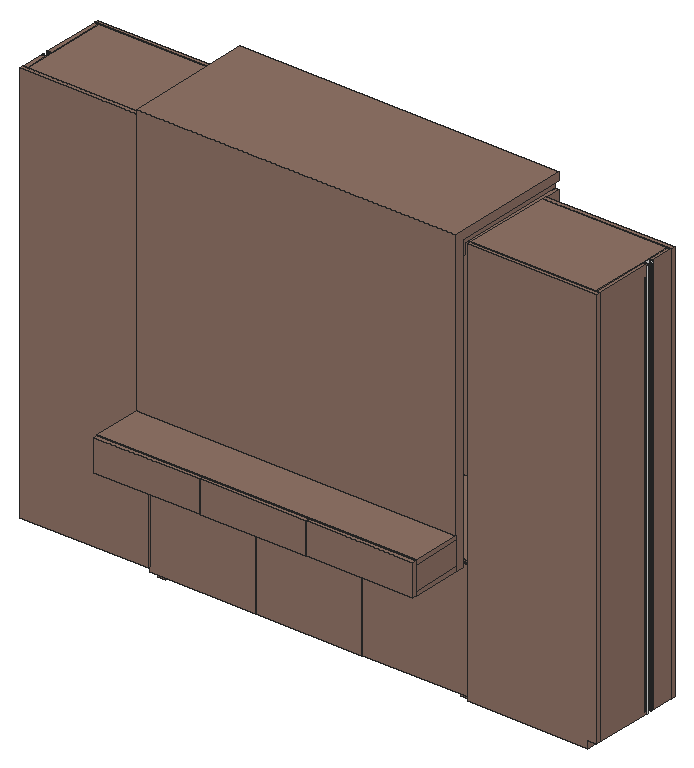
Revit family "T400032", category Furniture, Revit 2015
Parameters (values of type "T400032")
  URL = "https://ofs.com/"
  Model = "T400032"
  Manufacturer = "OFS"
  Description = "OFS TYPICAL T400032"
  Copyright © = "©OFS 2021"
  Catalog = "https://ofs.com/2020-experience"
  Authoring Version = "Autodesk Revit Architecture 2015"
  Assembly Code = "E2020400"
Reference planes (in)
  plane 1 "Center Front/Back": y = 0
  plane 2: z = 0
  plane 3 "Center Left/Right": x = 0
Dimensions and locks (in)
  aligned and locked: level to plane 2
Nested families (in)
  nested 1: "OFS_Slate Private Office_Storage_Cabinet_Slide_Out" at (-29.74999, 15.20518, 0) x (0, -1, 0) z (0, 0, 1), type "OFS_Slate Private Office_Storage_Cabinet_Slide_Out."
    with Width 1 18.125", Wall OFS BRANDS Metal Chrome, Top OFS BRANDS Dark Wood, Glides OFS BRANDS Black Plastic, Doors OFS BRANDS Dark Wood, Closed yes, Case OFS BRANDS Dark Wood, Base OFS BRANDS Dark Wood, Width 24.00", Height 77.00"
  nested 2: "OFS_Slate Private Office_Storage_Cabinet_Slide_Out" at (29.75, -3.04482, 0) x (0, -1, 0) z (0, 0, 1), type "OFS_Slate Private Office_Storage_Cabinet_Slide_Out.."
    with Width 1 18.125", Wall OFS BRANDS Metal Chrome, Top OFS BRANDS Dark Wood, Glides OFS BRANDS Black Plastic, Doors OFS BRANDS Dark Wood, Closed yes, Case OFS BRANDS Dark Wood, Base OFS BRANDS Dark Wood, Width 24.00", Right yes, Left no, Height 77.00"
  nested 3: "OFS SLATE SINGLE SIDED WALL UNITS" at (-29.75, 18.20518, 0), type "Slate 34D 2-S Wall Unit w/2 Non-Hookup Overlays"
    with Top OFS SLATE Dark Wood, Shelfs OFS SLATE Dark Wood, Doors OFS SLATE Dark Wood, Case OFS SLATE Dark Wood, Depth 21.00"
Definition of nested family "OFS_Slate Private Office_Storage_Cabinet_Slide_Out"
  Parameters (values of type "OFS_Slate Private Office_Storage_Cabinet_Slide_Out")
    Width 1 [instance] = if(Closed, 18.125", Width)  # 18.125"
    Width = 30.00"
    Wall [instance] = none
    URL = "http://www.ofsbrands.com/"
    Top [instance] = none
    Right = no
    Left = yes
    Model = "Type Catalog"
    Manufacturer = "OFS BRANDS"  # constant formula
    Height = 69.00"
    Glides [instance] = none
    Doors [instance] = none
    Description = "Type Catalog"
    Copyright © = "© 2016 OFS BRANDS"  # constant formula
    Closed [instance] = yes
    Catalog = "OFS"  # constant formula
    Case [instance] = none
    Base [instance] = none
    Authoring Version = "Autodesk Revit Architecture 2014"  # constant formula
    Assembly Code = "E2020200"
  Reference planes (in)
    plane 1 "Center (Front/Back)": y = 0
    plane 2: z = 0
    plane 3 "Center (Left/Right)": x = 0
    plane 4: x = 18.125
    plane 5: x = 9.0625
    plane 6: y = -0.75
    plane 7: y = -1.37544
    plane 8: y = -24
    plane 9: y = -22.375
    plane 10: y = -20.99956
    plane 11: y = -21.625
    plane 12: z = 2.45
    plane 13: z = 1.7
    plane 14: z = 0.45
    plane 15: y = -23.25
    plane 16: z = 67.95
    plane 17: z = 68.7
    plane 18: z = 69
  Dimensions and locks (in)
    "Width 1": plane 3 "Center (Left/Right)" to plane 4
    plane 12 to plane 13 to plane 14 to level = 0.75" locked, 1.25" locked, 0.45" locked
    plane 18 to plane 17 to plane 16 = 0.30" locked, 0.75" locked
    "Height": plane 18 to level
    equal spacing: plane 3 "Center (Left/Right)", plane 5, plane 4
    equal spacing: nested 3, nested 4, plane 3 "Center (Left/Right)"
    aligned and locked: level to plane 2
    aligned and locked: nested 2 to plane 5
    aligned and locked: nested 2 to plane 8
  Nested families (in)
    nested 1: "OFS_Slate Private Office_Storage_Cabinet_Slide_Out" at (0, 0, 0), Wall <- "Wall", Top <- "Top", Glides <- "Glides", Doors <- "Doors", Case <- "Case", Base <- "Base", visible <- "Left", type "OFS_Slate Private Office_Storage_Cabinet_Slide_Out"
      with Width 1 18.125", Wall none, Top none, Glides none, Doors none, Closed yes, Case none, Base none
    nested 2: "Tag" at (9.0625, -24, 0) x (-1, 0, 0) z (0, 0, 1), visible <- "Left", type "Center", detail levels fine
      with Offset (LR) 0.00", Distance of Center (not Change) 0.11"
    nested 3: "OFS_Slate Private Office_Storage_Cabinet_Slide_Out" at (0, 0, 0) x (-1, 0, 0) z (0, 0, 1), Wall <- "Wall", Top <- "Top", Glides <- "Glides", Doors <- "Doors", Case <- "Case", Base <- "Base", visible <- "Right", type "OFS_Slate Private Office_Storage_Cabinet_Slide_Out"
      with Width 1 18.125", Wall none, Top none, Glides none, Doors none, Closed yes, Case none, Base none
    nested 4: "Tag" at (-9.0625, -24, 0), visible <- "Right", type "Center", detail levels fine
      with Offset (LR) 0.00", Distance of Center (not Change) 0.11"
  Definition of nested family "OFS_Slate Private Office_Storage_Cabinet_Slide_Out"
    Parameters
      Width 1 [instance] = if(Closed, 18.125", Width)  # 18.125"
      Width = 30.00"
      Wall [instance] = none
      URL = "http://www.ofsbrands.com/"
      Top [instance] = none
      Closed [instance] = yes
      Model = "Type Catalog"
      Manufacturer = "OFS BRANDS"  # constant formula
      Height = 69.00"
      Glides [instance] = none
      Doors [instance] = none
      Description = "Type Catalog"
      Copyright © = "© 2016 OFS BRANDS"  # constant formula
      Catalog = "OFS"  # constant formula
      Case [instance] = none
      Base [instance] = none
      Authoring Version = "Autodesk Revit Architecture 2014"  # constant formula
      Assembly Code = "E2020200"
    Reference planes (in)
      plane 1 "Center (Front/Back)": y = 0
      plane 2: z = 0
      plane 3 "Center (Left/Right)": x = 0
      plane 4: x = 18.125
      plane 5: x = 8.1875
      plane 6: y = -0.75
      plane 7: y = -1.37544
      plane 8: y = -24
      plane 9: y = -22.375
      plane 10: y = -20.99956
      plane 11: y = -21.625
      plane 12: x = 0.75
      plane 13: x = 15.625
      plane 14: z = 2.45
      plane 15: z = 1.7
      plane 16: z = 0.45
      plane 17: y = -23.25
      plane 18: z = 67.95
      plane 19: z = 68.7
      plane 20: x = 2.25
      plane 21: x = 14.125
      plane 22: z = 69
      plane 23: x = 16.375
      plane 24: x = 17.375
      plane 25: x = 0.81243
      plane 26: x = 17.31257
    Forms (in)
      Revolve 1, solid, material <- "Glides"
        sketch origin (14.86463, -1.37544, 140) x (1, 0, 0) y (0, 0, 1)
          loop
            line (-13.47373, -139.55) -> (-13.72373, -139.55) -> (-13.72373, -139.74756) -> (-13.76241, -139.74756)
            arc (-13.76241, -139.74756) -> (-13.85143, -139.89038) -> (-13.72373, -140) r 0.12918
            line (-13.72373, -140) -> (-13.47373, -140) -> (-13.47373, -139.55)
          axis (-13.47373, -139.55) -> (-13.47373, -140)
        angle from 0 to 360
      Revolve 2, solid, material <- "Glides"
        sketch origin (1.51037, -1.37544, 140) x (-1, 0, 0) y (0, 0, -1)
          loop
            line (-13.47373, 139.55) -> (-13.47373, 140) -> (-13.72373, 140)
            arc (-13.72373, 140) -> (-13.85143, 139.89038) -> (-13.76241, 139.74756) r 0.12918
            line (-13.76241, 139.74756) -> (-13.72373, 139.74756) -> (-13.72373, 139.55) -> (-13.47373, 139.55)
          axis (-13.47373, 139.55) -> (-13.47373, 140)
        angle from 0 to 360
      Revolve 3, solid, material <- "Glides"
        sketch origin (14.86463, -20.99956, 140) x (1, 0, 0) y (0, 0, 1)
          loop
            line (-13.47373, -139.55) -> (-13.72373, -139.55) -> (-13.72373, -139.74756) -> (-13.76241, -139.74756)
            arc (-13.76241, -139.74756) -> (-13.85143, -139.89038) -> (-13.72373, -140) r 0.12918
            line (-13.72373, -140) -> (-13.47373, -140) -> (-13.47373, -139.55)
          axis (-13.47373, -139.55) -> (-13.47373, -140)
        angle from 0 to 360
      Revolve 4, solid, material <- "Glides"
        sketch origin (14.86463, -20.99956, 140) x (1, 0, 0) y (0, 0, 1)
          loop
            line (0.11947, -139.55) -> (0.11947, -140) -> (0.36947, -140)
            arc (0.36947, -140) -> (0.49716, -139.89038) -> (0.40814, -139.74756) r 0.12918
            line (0.40814, -139.74756) -> (0.36947, -139.74756) -> (0.36947, -139.55) -> (0.11947, -139.55)
          axis (0.11947, -139.55) -> (0.11947, -140)
        angle from 0 to 360
      Extrusion 5, solid, material <- "Case"
        sketch origin (-18.37457, -60, 0.45) x (-1, 0, 0) y (0, -1, 0)
          loop
            line (-19.12457, -59.25) -> (-19.12457, -57.75) -> (-20.62457, -57.75) -> (-20.62457, -59.25) -> (-19.12457, -59.25)
          loop
            line (-32.49957, -59.25) -> (-32.49957, -57.75) -> (-33.99957, -57.75) -> (-33.99957, -59.25) -> (-32.49957, -59.25)
          loop
            line (-32.49957, -39.875) -> (-32.49957, -38.375) -> (-33.99957, -38.375) -> (-33.99957, -39.875) -> (-32.49957, -39.875)
          loop
            line (-19.12457, -39.875) -> (-19.12457, -38.375) -> (-20.62457, -38.375) -> (-20.62457, -39.875) -> (-19.12457, -39.875)
        from 0 to 1.25
      Sweep 6, solid, material <- "Case"
        path origin (-18.37457, -60, 0.45) x (-1, 0, 0) y (0, -1, 0)
          loop
            line (-19.12457, -60) -> (-19.12457, -38.375) -> (-33.99957, -38.375) -> (-33.99957, -60)
        profile origin (8.1875, -21.625, 0.45) x (0, 1, 0) y (0, 0, 1)
          loop
            line (0, 0) -> (0, 1.25) -> (-0.75, 1.25) -> (-0.75, 0) -> (0, 0)
      Extrusion 7, solid, material <- "Case"
        sketch origin (0, 0, 0) x (1, 0, 0) y (0, 0, 1)
          loop
            line (15.625, 0.45) -> (15.625, 1.7) -> (17.375, 1.7) -> (17.375, 67.95) -> (0.75, 67.95) -> (0.75, 0.45) -> (15.625, 0.45)
        from 0 to 0.75
      Extrusion 8, solid, material <- "Case"
        sketch origin (-18.37457, -60, 1.7) x (-1, 0, 0) y (0, -1, 0)
          loop
            line (-18.37457, -60) -> (-18.37457, -36) -> (-19.12457, -36) -> (-19.12457, -60) -> (-18.37457, -60)
          loop
            line (-36.49957, -60) -> (-35.74957, -60) -> (-35.74957, -36) -> (-36.49957, -36) -> (-36.49957, -60)
        from 0 to 67
      Extrusion 9, solid, material <- "Top"
        sketch origin (0, 0, 0) x (1, 0, 0) y (0, 0, 1)
          loop
            line (0.75, 68.7) -> (0.75, 67.95) -> (17.375, 67.95) -> (17.375, 68.7) -> (0.75, 68.7)
        from 0 to 23.25
      Extrusion 10, solid, material <- "Doors"
        sketch origin (-18.37457, -60, 1.7) x (-1, 0, 0) y (0, -1, 0)
          loop
            line (-19.187, -36.75) -> (-19.187, -36) -> (-30.03089, -36) -> (-30.03089, -36.75) -> (-19.187, -36.75)
          loop
            line (-31.43714, -36) -> (-35.68714, -36) -> (-35.68714, -36.75) -> (-31.43714, -36.75) -> (-31.43714, -36)
        from 0 to 67
      Extrusion 11, solid, material <- "Base"
        sketch origin (0, 0, 0) x (1, 0, 0) y (0, 0, 1)
          loop
            line (0.75, 1.7) -> (17.375, 1.7) -> (17.375, 2.45) -> (0.75, 2.45) -> (0.75, 1.7)
        from 0.75 to 23.25
      Extrusion 12, solid, material <- "Wall"
        sketch origin (-18.37457, -60, 1.7) x (-1, 0, 0) y (0, -1, 0)
          loop
            line (-30.03089, -36.709) -> (-30.03089, -36) -> (-29.97285, -36)
            arc (-29.97285, -36) -> (-29.97479, -35.97231) -> (-29.99914, -35.959) r 0.02893
            line (-29.99914, -35.959) -> (-30.12561, -35.959) -> (-30.2748, -36.55375)
            arc (-30.2748, -36.55375) -> (-30.30539, -36.60076) -> (-30.35843, -36.619) r 0.08623
            line (-30.35843, -36.619) -> (-31.18725, -36.619)
            arc (-31.18725, -36.619) -> (-31.29436, -36.5779) -> (-31.34647, -36.47569) r 0.1601
            arc (-31.34647, -36.47569) -> (-31.34599, -36.35064) -> (-31.31847, -36.22866) r 0.57492
            arc (-31.31847, -36.22866) -> (-31.23864, -36.1155) -> (-31.11051, -36.06295) r 0.24747
            arc (-31.11051, -36.06295) -> (-31.06396, -36.00837) -> (-31.11601, -35.959) r 0.05212
            line (-31.11601, -35.959) -> (-31.47514, -35.959)
            arc (-31.47514, -35.959) -> (-31.49894, -35.97259) -> (-31.49934, -36) r 0.02764
            line (-31.49934, -36) -> (-31.43714, -36) -> (-31.43714, -36.709) -> (-30.03089, -36.709)
        from 0 to 67
    Cuts and joins
      joined: Sweep 6, Extrusion 8
      joined: Revolve 1, Revolve 2, Revolve 3, Revolve 4
    Lines and regions (in)
      Masking region 1
        outline origin (31.437, -60, 68.7) x (0, -1, 0) y (1, 0, 0)
          loop
            line (-60, -31.437) -> (-36, -31.437) -> (-36, -13.312) -> (-60, -13.312) -> (-60, -31.437)
    Dimensions and locks (in)
      "Width 1": plane 3 "Center (Left/Right)" to plane 4
      plane 14 to plane 15 to plane 16 to level = 0.75" locked, 1.25" locked, 0.45" locked
      plane 22 to plane 19 to plane 18 = 0.30" locked, 0.75" locked
      "Height": plane 22 to level
      plane 3 "Center (Left/Right)" to plane 12 to plane 20 = 0.75" locked, 1.50" locked
      plane 21 to plane 13 to plane 23 to plane 26 to plane 24 to plane 4 = 1.50" locked, 0.75" locked, 0.93757" locked, 0.06243" locked, 0.75" locked
      equal spacing: plane 3 "Center (Left/Right)", plane 5, plane 23
      Extrusion 10 sketch curve to Extrusion 10 sketch curve to plane 4 = 1.40625" locked, 5.06243" locked
      aligned and locked: level to plane 2
      aligned and locked: Extrusion 5 sketch curve to plane 6  (x2)
      aligned and locked: plane 12 to Extrusion 5 sketch curve  (x2)
      aligned and locked: plane 20 to Extrusion 5 sketch curve  (x2)
      aligned and locked: plane 21 to Extrusion 5 sketch curve  (x2)
      aligned and locked: Extrusion 5 sketch curve to plane 13  (x2)
      aligned and locked: plane 11 to Extrusion 5 sketch curve  (x2)
      aligned and locked: plane 15 to Extrusion 5
      aligned and locked: plane 1 "Center (Front/Back)" to Sweep 6 sketch curve  (x2)
      aligned and locked: Sweep 6 sketch curve to plane 11
      aligned and locked: plane 12 to Sweep 6 sketch curve
      aligned and locked: plane 13 to Sweep 6 sketch curve
      aligned and locked: Extrusion 7 sketch curve to plane 12
      aligned and locked: Extrusion 7 sketch curve to plane 24
      aligned and locked: plane 18 to Extrusion 7 sketch curve
      aligned and locked: Extrusion 7 sketch curve to plane 16
      aligned and locked: plane 13 to Extrusion 7 sketch curve
      aligned and locked: Extrusion 7 sketch curve to plane 15
      aligned and locked: Extrusion 8 sketch curve to plane 8
      aligned and locked: plane 3 "Center (Left/Right)" to Extrusion 8 sketch curve
      aligned and locked: Extrusion 8 sketch curve to plane 12
      aligned and locked: plane 1 "Center (Front/Back)" to Extrusion 8 sketch curve
      aligned and locked: Extrusion 8 to plane 19
      aligned and locked: Extrusion 8 sketch curve to plane 1 "Center (Front/Back)"
      aligned and locked: plane 4 to Extrusion 8 sketch curve
      aligned and locked: plane 8 to Extrusion 8 sketch curve
      aligned and locked: plane 24 to Extrusion 8 sketch curve
      aligned and locked: Extrusion 9 sketch curve to Extrusion 8
      aligned and locked: Extrusion 8 to Extrusion 9 sketch curve
      aligned and locked: Extrusion 9 sketch curve to Extrusion 7  (x2)
      aligned and locked: Extrusion 9 to plane 17
      aligned and locked: Extrusion 10 to plane 19
      aligned and locked: Extrusion 11 sketch curve to Extrusion 5
      aligned and locked: Extrusion 11 sketch curve to Extrusion 8
      aligned and locked: Extrusion 11 sketch curve to plane 14
      aligned and locked: Extrusion 11 sketch curve to plane 24
      aligned and locked: plane 6 to Extrusion 11
      aligned and locked: Extrusion 11 to plane 17
      aligned and locked: Extrusion 12 to plane 19
      aligned and locked: Masking region 1 sketch curve to cut or joined group of Sweep 6, Extrusion 8  (x4)
      aligned and locked: plane 26 to Extrusion 10 sketch curve
    Automatic sketch dimensions
      Revolve 1 sketch curve to plane 16 = 0.00"
      Revolve 1 sketch curve to level = 0.00"  (x2)
      Revolve 1 sketch curve to plane 25 = 0.28979"
      Revolve 1 sketch curve to Revolve 1 sketch curve = 0.03868"
      Revolve 1 sketch curve to Revolve 1 sketch curve = 0.00"  (x2)
      Revolve 1 sketch curve to Revolve 1 sketch curve = 0.25"
      level to Revolve 1 sketch curve = 0.12918"
      Revolve 1 sketch curve to level = 0.11751"
      Revolve 2 sketch curve to plane 16 = 0.00"
      Revolve 2 sketch curve to level = 0.00"  (x2)
      Revolve 2 sketch curve to plane 16 = 0.19756"
      Revolve 2 sketch curve to plane 13 = 0.35223"
      Revolve 2 sketch curve to Revolve 2 sketch curve = 0.03868"
      Revolve 2 sketch curve to Revolve 2 sketch curve = 0.00"  (x2)
      Revolve 2 sketch curve to Revolve 2 sketch curve = 0.25"
      Revolve 2 sketch curve to Revolve 2 sketch curve = 0.11751"
      Revolve 3 sketch curve to plane 16 = 0.00"
      Revolve 3 sketch curve to level = 0.00"  (x2)
      Revolve 3 sketch curve to plane 25 = 0.28979"
      Revolve 3 sketch curve to Revolve 3 sketch curve = 0.03868"
      Revolve 3 sketch curve to Revolve 3 sketch curve = 0.00"  (x2)
      Revolve 3 sketch curve to Revolve 3 sketch curve = 0.25"
      level to Revolve 3 sketch curve = 0.12918"
      Revolve 3 sketch curve to level = 0.11751"
      Revolve 4 sketch curve to plane 16 = 0.00"
      Revolve 4 sketch curve to level = 0.00"  (x2)
      Revolve 4 sketch curve to plane 13 = 0.6409"
      Revolve 4 sketch curve to plane 16 = 0.19756"
      Revolve 4 sketch curve to Revolve 4 sketch curve = 0.25"
      Revolve 4 sketch curve to Revolve 4 sketch curve = 0.00"  (x2)
      Revolve 4 sketch curve to Revolve 4 sketch curve = 0.03868"
      Revolve 4 sketch curve to level = 0.11751"
      plane 7 to Extrusion 5 sketch curve = 0.87456"  (x2)
      Extrusion 5 sketch curve to plane 10 = 0.87456"  (x2)
      Sweep 6 sketch curve to plane 16 = 0.00"
      Sweep 6 sketch curve to profile plane = 0.00"
      profile plane to Sweep 6 sketch curve = 0.75"
      plane 16 to Sweep 6 sketch curve = 1.25"
      plane 8 to Extrusion 10 sketch curve = 0.00"  (x2)
      Extrusion 10 sketch curve to plane 25 = 0.00"
      plane 8 to Extrusion 12 sketch curve = 0.00"  (x2)
      plane 8 to Extrusion 12 sketch curve = 0.01336"
      Extrusion 12 sketch curve to plane 21 = 1.02443"
      Extrusion 12 sketch curve to plane 17 = 0.041"
      Extrusion 12 sketch curve to Extrusion 12 sketch curve = 0.038"
      Extrusion 12 sketch curve to plane 17 = 0.131"
      Extrusion 12 sketch curve to Extrusion 12 sketch curve = 0.24989"
      Extrusion 12 sketch curve to plane 8 = 0.01112"
      Extrusion 12 sketch curve to Extrusion 12 sketch curve = 0.32113"
      Extrusion 12 sketch curve to Extrusion 12 sketch curve = 0.10283"
      Extrusion 12 sketch curve to Extrusion 12 sketch curve = 0.3097"
      Extrusion 12 sketch curve to Extrusion 12 sketch curve = 0.41629"
      Extrusion 12 sketch curve to plane 17 = 0.19625"
      Extrusion 12 sketch curve to Extrusion 12 sketch curve = 0.08364"
      plane 8 to Extrusion 12 sketch curve = 0.041"  (x2)
      Extrusion 12 sketch curve to Extrusion 12 sketch curve = 0.14919"
      Extrusion 12 sketch curve to Extrusion 12 sketch curve = 0.09472"
      Extrusion 12 sketch curve to Extrusion 12 sketch curve = 0.03175"
      Extrusion 12 sketch curve to Extrusion 12 sketch curve = 0.02628"
      Extrusion 12 sketch curve to Extrusion 12 sketch curve = 0.1601"
      Extrusion 12 sketch curve to Extrusion 12 sketch curve = 0.04351"
      Extrusion 12 sketch curve to Extrusion 12 sketch curve = 0.14986"
      Extrusion 12 sketch curve to Extrusion 12 sketch curve = 0.00"  (x2)
      Extrusion 10 sketch curve to plane 17 = 0.00"  (x2)
  Definition of nested family "Tag"
    Parameters
      P_Width = 0.00"
      Text_Width = "Empty"
      Text_Height = "Empty"
      Text_Diameter = "Empty"
      Text_Depth = "Empty"
      Offset (LR) [instance] = 0.00"
      Model Name = "Type Catalog"
      P_Height = 0.00"
      Distance of Center (not Change) = 0.10"
      P_Diameter = 0.00"
      P_Depth = 0.00"
    Reference planes (in)
      plane 1: y = 0
      plane 2: x = 0
    Lines and regions (in)
      reference lines
        curve 1: line (-0.44359, 0.1, 0) -> (0.41085, 0.1, 0)
        curve 3: line (0, 0.42564, 0) -> (0, -0.30221, 0)
      reference lines, not visible
        curve 2: line (-0.44359, 0.09843, 0) -> (0.41085, 0.09843, 0)
        curve 4: line (0, 0.42407, 0) -> (0, -0.30379, 0)
    Text (in)
      label "Empty" at (0.00197, 0.0921, 0), shows "Model Name"
      label "Empty" at (0.00197, 0.09052, 0), shows "Model Name", not visible
    Dimensions and locks (in)
      "Distance of Center (not Change)": plane 1 to curve 1
      "Offset (LR)": curve 3 to plane 2
    Automatic sketch dimensions
      curve 1 to curve 3 = 0.44359"
      curve 3 to curve 1 = 0.41085"
      curve 3 to curve 1 = 0.40221"
      curve 1 to curve 3 = 0.32564"
      curve 2 to curve 4 = 0.44359"
      curve 4 to curve 2 = 0.41085"
      curve 4 to curve 2 = 0.40221"
      curve 2 to curve 4 = 0.32564"
Definition of nested family "OFS SLATE SINGLE SIDED WALL UNITS"
  Parameters (values of type "Single Sided Wall Unit 60x31")
    Width = 59.50"
    URL = "https://ofs.com/"
    Top [instance] = none
    Shelfs [instance] = none
    Model = "CMA-60SW4"
    Manufacturer = "OFS"
    Doors [instance] = none
    Description = "OFS SLATE Single Sided Wall Unit 59.5\" Width x 31\" Depth"
    Depth = 18.00141"
    Copyright © = "©OFS 2021"
    Catalog = "https://ofs.com/products/tables/conference/slate"
    Case [instance] = none
    Authoring Version = "Autodesk Revit Architecture 2015"
    Assembly Code = "E2020200"
  Types (4): name | Width | Model | Description
    (no name) | 59.50" | "CMA-60SW4" | "OFS SLATE Single Sided Wall Unit 59.5\" Width x 31\" Depth"
    Single Sided Wall Unit 54x31 | 53.50" | "CMA-54SW4" | "OFS SLATE Single Sided Wall Unit 53.5\" Width x 31\" Depth"
    Single Sided Wall Unit 60x31 | 59.50" | "CMA-60SW4" | "OFS SLATE Single Sided Wall Unit 59.5\" Width x 31\" Depth"
    Single Sided Wall Unit 66x31 | 65.50" | "CMA-66SW4" | "OFS SLATE Single Sided Wall Unit 65.5\" Width x 31\" Depth"
  Reference planes (in)
    plane 1 "Center (Front/Back)": y = 0
    plane 2: z = 0
    plane 3 "Center (Left/Right)": x = 0
    plane 4: x = 0.75
    plane 5: x = 29.75
    plane 6: x = 58.75
    plane 7: x = 59.5
    plane 8: y = -0.75
    plane 9: y = -17.1648
    plane 10: y = -15.5398
    plane 11: y = -16.2898
    plane 12: y = -7.1875
    plane 13: y = -17.25141
    plane 14: y = -18.00141
    plane 15: y = -1.37544
    plane 16: y = -14.91436
    plane 17: x = 59.4375
    plane 18: z = 23.2
    plane 19: z = 0.45
    plane 20: x = 19.83333
    plane 21: x = 39.66667
    plane 22: x = 0.0625
    plane 23: x = 19.77083
    plane 24: x = 19.89583
    plane 25: x = 39.72917
    plane 26: x = 39.60417
    plane 27: x = 6
    plane 28: x = 53.5
  Forms (in)
    Extrusion 1, solid, material <- "Shelfs"
      sketch origin (0, 0, 0) x (0, 1, 0) y (0, 0, 1)
        loop
          line (0, 23.2) -> (-17.1648, 23.2) -> (-17.1648, 22.0125) -> (0, 22.0125) -> (0, 23.2)
      from 0.75 to 58.75
    Extrusion 2, solid, material <- "Case"
      sketch origin (0, 0, 0) x (1, 0, 0) y (0, 1, 0)
        loop
          line (0, 0) -> (0, -17.1648) -> (0.75, -17.1648) -> (0.75, 0) -> (0, 0)
        loop
          line (58.75, 0) -> (58.75, -17.1648) -> (59.5, -17.1648) -> (59.5, 0) -> (58.75, 0)
      from 1 to 23.2
    Extrusion 3, solid, material <- "Case"
      sketch origin (0, 0, 0) x (0, 1, 0) y (0, 0, 1)
        loop
          line (-0.75, 1) -> (0, 1) -> (0, 22.0125) -> (-0.75, 22.0125) -> (-0.75, 1)
      from 0.75 to 58.75
    Extrusion 4, solid, material <- "Case"
      sketch origin (0, 0, 0) x (1, 0, 0) y (0, 1, 0)
        loop
          line (0.75, -0.03125) -> (0.75, -1.21875) -> (2.25, -1.21875) -> (2.25, -0.03125) -> (0.75, -0.03125)
        loop
          line (0.75, -15.8125) -> (0.75, -17.03125) -> (2.25, -17.03125) -> (2.25, -15.8125) -> (0.75, -15.8125)
        loop
          line (58.75, -0.03125) -> (57.25, -0.03125) -> (57.25, -1.21875) -> (58.75, -1.21875) -> (58.75, -0.03125)
        loop
          line (58.75, -15.8125) -> (57.25, -15.8125) -> (57.25, -17.03125) -> (58.75, -17.03125) -> (58.75, -15.8125)
      from 0 to 1
    Extrusion 5, solid, material <- "Doors"
      sketch origin (24.125, -15.25, 47.24409) x (0, -1, 0) y (0, 0, 1)
        loop
          line (2.75141, -46.24409) -> (2.75141, -24.10659) -> (2.49141, -24.10659)
          arc (2.49141, -24.10659) -> (2.44358, -24.11611) -> (2.40302, -24.1432) r 0.125
          line (2.40302, -24.1432) -> (2.00141, -24.54482) -> (2.00141, -46.24409) -> (2.75141, -46.24409)
      from -15.60417 to -35.3125
    Extrusion 6, solid, material <- "Doors"
      sketch origin (29.375, -15.25, 47.24409) x (0, -1, 0) y (0, 0, -1)
        loop
          line (2.75141, 46.24409) -> (2.00141, 46.24409) -> (2.00141, 24.54482) -> (2.40302, 24.1432)
          arc (2.40302, 24.1432) -> (2.44358, 24.11611) -> (2.49141, 24.10659) r 0.125
          line (2.49141, 24.10659) -> (2.75141, 24.10659) -> (2.75141, 46.24409)
      from -9.60417 to -29.3125
    Extrusion 7, solid, material <- "Doors"
      sketch origin (47.08333, -15.25, 47.24409) x (0, -1, 0) y (0, 0, -1)
        loop
          line (2.75141, 46.24409) -> (2.00141, 46.24409) -> (2.00141, 24.54482) -> (2.40302, 24.1432)
          arc (2.40302, 24.1432) -> (2.44358, 24.11611) -> (2.49141, 24.10659) r 0.125
          line (2.49141, 24.10659) -> (2.75141, 24.10659) -> (2.75141, 46.24409)
      from -7.47917 to -27.1875
    Extrusion 8, solid, material <- "Top"
      sketch origin (0, 0, 0) x (0, 1, 0) y (0, 0, 1)
        loop
          line (-21, 79.5) -> (-21, 23.25) -> (-19.5, 23.25) -> (-19.5, 78) -> (0, 78) -> (0, 79.5) -> (-21, 79.5)
      from 0 to 59.5
    Extrusion 9, solid, material <- "Top"
      sketch origin (0, 0, 0) x (0, 1, 0) y (0, 0, 1)
        loop
          line (-21, 29.25) -> (-30.25, 29.25) -> (-30.25, 28.5) -> (-21, 28.5) -> (-21, 29.25)
      from 0 to 59.5
    Extrusion 10, solid, material <- "Top"
      sketch origin (0, 0, 0) x (0, 1, 0) y (0, 0, 1)
        loop
          line (-31, 29.1875) -> (-31, 23.3125) -> (-30.25, 23.3125) -> (-30.25, 29.1875) -> (-31, 29.1875)
      from 0.0625 to 19.77083
    Extrusion 11, solid, material <- "Top"
      sketch origin (0, 0, 0) x (0, 1, 0) y (0, 0, 1)
        loop
          line (-30.25, 24) -> (-30.25, 23.25) -> (-21, 23.25) -> (-21, 24) -> (-30.25, 24)
      from 0 to 59.5
    Extrusion 12, solid, material <- "Case"
      sketch origin (0, 0, 0) x (1, 0, 0) y (0, 1, 0)
        loop
          line (0, 0) -> (0, -17.1648) -> (0.75, -17.1648) -> (0.75, 0) -> (0, 0)
        loop
          line (58.75, 0) -> (58.75, -17.1648) -> (59.5, -17.1648) -> (59.5, 0) -> (58.75, 0)
      from 23.2 to 76.5
    Extrusion 13, solid, material <- "Case"
      sketch origin (0, 0, 0) x (0, 1, 0) y (0, 0, 1)
        loop
          line (-0.75, 23.2) -> (0, 23.2) -> (0, 76.5) -> (-0.75, 76.5) -> (-0.75, 23.2)
      from 0.75 to 58.75
    Extrusion 14, solid, material <- "Shelfs"
      sketch origin (0, 0, 0) x (0, 1, 0) y (0, 0, 1)
        loop
          line (0, 76.5) -> (0, 78) -> (-19.5, 78) -> (-19.5, 74.5) -> (-18.00141, 74.5) -> (-18.00141, 76.5) -> (0, 76.5)
      from 0.75 to 58.75
    Extrusion 15, solid, material <- "Top"
      sketch origin (43.66667, 0, 0) x (0, 1, 0) y (0, 0, -1)
        loop
          line (-31, -29.1875) -> (-30.25, -29.1875) -> (-30.25, -23.3125) -> (-31, -23.3125) -> (-31, -29.1875)
      from 4.0625 to 23.77083
    Extrusion 16, solid, material <- "Top"
      sketch origin (65.4375, 0, 0) x (0, 1, 0) y (0, 0, -1)
        loop
          line (-31, -29.1875) -> (-30.25, -29.1875) -> (-30.25, -23.3125) -> (-31, -23.3125) -> (-31, -29.1875)
      from 6 to 25.70833
    Extrusion 17, solid, material <- "Top"
      sketch origin (0, 0, 0) x (0, 1, 0) y (0, 0, 1)
        loop
          line (-21, 28.5) -> (-30.25, 28.5) -> (-30.25, 24) -> (-21, 24) -> (-21, 28.5)
      from 0 to 0.75
    Extrusion 18, solid, material <- "Top"
      sketch origin (65.5, 0, 0) x (0, 1, 0) y (0, 0, -1)
        loop
          line (-21, -28.5) -> (-21, -24) -> (-30.25, -24) -> (-30.25, -28.5) -> (-21, -28.5)
      from 6 to 6.75
    Extrusion 19, solid, material <- "Shelfs"
      sketch origin (0, 0, 0) x (0, 1, 0) y (0, 0, 1)
        loop
          line (-19.5, 28.21068) -> (-19.5, 24.52538) -> (-17.1648, 24.52538) -> (-17.1648, 28.21068) -> (-19.5, 28.21068)
      from 3.01047 to 50.82682
    Extrusion 20, solid, material <- "Case"
      sketch origin (0, 0, 0) x (0, 1, 0) y (0, 0, 1)
        loop
          line (-17.1648, 23.2) -> (-15.5398, 23.2) -> (-15.5398, 76.5) -> (-17.1648, 76.5) -> (-17.1648, 23.2)
      from 0.75 to 52.75
  Dimensions and locks (in)
    plane 1 "Center (Front/Back)" to plane 8 to plane 15 = 0.75", 0.62544" locked
    "Width": plane 3 "Center (Left/Right)" to plane 7
    plane 3 "Center (Left/Right)" to plane 22 to plane 4 = 0.0625" locked, 0.6875" locked
    plane 6 to plane 17 to plane 7 = 0.6875" locked, 0.0625" locked
    equal spacing: plane 3 "Center (Left/Right)", plane 5, plane 7
    equal spacing: plane 7, plane 21, plane 20, plane 3 "Center (Left/Right)"
    "Depth": plane 14 to plane 1 "Center (Front/Back)"
    plane 16 to plane 10 to plane 11 to plane 9 to plane 13 to plane 14 = 0.62544" locked, 0.75" locked, 0.875" locked, 0.08661" locked, 0.75" locked
    plane 23 to plane 20 to plane 24 = 0.0625" locked, 0.0625" locked
    plane 26 to plane 21 to plane 25 = 0.0625" locked, 0.0625" locked
    locked: plane 27 to plane 3 "Center (Left/Right)" at 6
    locked: plane 28 to plane 7 at 6
    aligned and locked: level to plane 2
    aligned and locked: Extrusion 2 sketch curve to Extrusion 1  (x2)
    aligned and locked: Extrusion 1 to Extrusion 2 sketch curve  (x2)
    aligned and locked: Extrusion 2 sketch curve to plane 4
    aligned and locked: plane 6 to Extrusion 2 sketch curve
    aligned and locked: Extrusion 3 to plane 4
    aligned and locked: plane 6 to Extrusion 3
    aligned and locked: Extrusion 5 to plane 17
    aligned and locked: plane 25 to Extrusion 5
    aligned and locked: plane 24 to Extrusion 7
    aligned and locked: plane 26 to Extrusion 7
    aligned and locked: Extrusion 8 to plane 7
    aligned and locked: Extrusion 8 to plane 3 "Center (Left/Right)"
    aligned and locked: plane 23 to Extrusion 6
    aligned and locked: Extrusion 1 to plane 4
    aligned and locked: Extrusion 2 to plane 7
    aligned and locked: plane 6 to Extrusion 1
    aligned and locked: plane 23 to Extrusion 10
    aligned and locked: plane 24 to Extrusion 15
    aligned and locked: plane 26 to Extrusion 15
    aligned and locked: Extrusion 16 to plane 17
    aligned and locked: plane 25 to Extrusion 16
    aligned and locked: Extrusion 10 to plane 22
    aligned and locked: Extrusion 14 to plane 4
    aligned and locked: plane 6 to Extrusion 14
    aligned and locked: plane 6 to Extrusion 13
    aligned and locked: Extrusion 9 to plane 7
    aligned and locked: Extrusion 11 to plane 7
    aligned and locked: Extrusion 18 to plane 6
    aligned and locked: Extrusion 18 to plane 7
    aligned and locked: plane 10 to Extrusion 20
    aligned and locked: plane 9 to Extrusion 20
  Automatic sketch dimensions
    Extrusion 1 sketch curve to plane 9 = 0.00"
    Extrusion 1 sketch curve to plane 1 "Center (Front/Back)" = 0.00"
    Extrusion 1 sketch curve to plane 18 = 0.00"
    Extrusion 1 sketch curve to Extrusion 1 sketch curve = 1.1875"
    Extrusion 2 sketch curve to plane 3 "Center (Left/Right)" = 0.00"
    Extrusion 2 sketch curve to plane 7 = 0.00"
    Extrusion 3 sketch curve to plane 8 = 0.00"
    Extrusion 3 sketch curve to plane 1 "Center (Front/Back)" = 0.00"
    Extrusion 3 sketch curve to plane 19 = 0.55"
    Extrusion 3 sketch curve to plane 18 = 1.1875"
    Extrusion 4 sketch curve to plane 4 = 0.00"  (x2)
    Extrusion 4 sketch curve to plane 6 = 0.00"  (x2)
    Extrusion 4 sketch curve to plane 10 = 0.2727"  (x2)
    Extrusion 4 sketch curve to Extrusion 4 sketch curve = 1.50"  (x3)
    plane 1 "Center (Front/Back)" to Extrusion 4 sketch curve = 0.03125"  (x2)
    Extrusion 4 sketch curve to plane 9 = 0.13355"  (x2)
    Extrusion 4 sketch curve to plane 6 = 1.50"
    plane 15 to Extrusion 4 sketch curve = 0.15669"  (x2)
    Extrusion 5 sketch curve to plane 13 = 0.00"
    Extrusion 5 sketch curve to plane 14 = 0.00"
    Extrusion 5 sketch curve to plane 18 = 0.09911"
    Extrusion 5 sketch curve to plane 14 = 0.34839"
    Extrusion 5 sketch curve to Extrusion 5 sketch curve = 0.08839"  (x2)
    Extrusion 5 sketch curve to plane 18 = 0.50072"
    Extrusion 5 sketch curve to plane 19 = 0.55"
    Extrusion 6 sketch curve to plane 13 = 0.00"
    Extrusion 6 sketch curve to plane 14 = 0.00"
    Extrusion 6 sketch curve to plane 18 = 0.09911"
    Extrusion 6 sketch curve to plane 14 = 0.34839"
    Extrusion 6 sketch curve to Extrusion 6 sketch curve = 0.08839"
    Extrusion 6 sketch curve to plane 18 = 0.0625"
    Extrusion 6 sketch curve to plane 18 = 0.50072"
    Extrusion 6 sketch curve to plane 19 = 0.55"
    Extrusion 7 sketch curve to plane 13 = 0.00"
    Extrusion 7 sketch curve to plane 14 = 0.00"
    Extrusion 7 sketch curve to plane 18 = 0.09911"
    Extrusion 7 sketch curve to plane 14 = 0.34839"
    Extrusion 7 sketch curve to Extrusion 7 sketch curve = 0.08839"
    Extrusion 7 sketch curve to plane 18 = 0.0625"
    Extrusion 7 sketch curve to plane 18 = 0.50072"
    Extrusion 7 sketch curve to plane 19 = 0.55"
    Extrusion 8 sketch curve to plane 1 "Center (Front/Back)" = 0.00"
    plane 14 to Extrusion 8 sketch curve = 1.49859"
    plane 18 to Extrusion 8 sketch curve = 0.05"
    Extrusion 8 sketch curve to Extrusion 8 sketch curve = 1.50"  (x2)
    Extrusion 8 sketch curve to Extrusion 8 sketch curve = 54.75"
    plane 18 to Extrusion 9 sketch curve = 6.05"
    plane 14 to Extrusion 9 sketch curve = 12.24859"
    plane 14 to Extrusion 9 sketch curve = 2.99859"
    Extrusion 9 sketch curve to Extrusion 9 sketch curve = 0.75"
    plane 18 to Extrusion 10 sketch curve = 0.1125"
    plane 14 to Extrusion 10 sketch curve = 12.99859"
    Extrusion 10 sketch curve to Extrusion 10 sketch curve = 0.75"
    Extrusion 10 sketch curve to Extrusion 10 sketch curve = 5.875"
    plane 18 to Extrusion 11 sketch curve = 0.05"
    plane 14 to Extrusion 11 sketch curve = 12.24859"
    plane 14 to Extrusion 11 sketch curve = 2.99859"
    Extrusion 11 sketch curve to Extrusion 11 sketch curve = 0.75"
    Extrusion 12 sketch curve to plane 3 "Center (Left/Right)" = 0.00"
    Extrusion 12 sketch curve to plane 4 = 0.00"
    plane 1 "Center (Front/Back)" to Extrusion 12 sketch curve = 0.00"  (x2)
    Extrusion 12 sketch curve to plane 6 = 0.00"
    Extrusion 12 sketch curve to plane 7 = 0.00"
    plane 9 to Extrusion 12 sketch curve = 0.00"  (x2)
    Extrusion 13 sketch curve to plane 8 = 0.00"
    Extrusion 13 sketch curve to plane 1 "Center (Front/Back)" = 0.00"
    Extrusion 13 sketch curve to plane 18 = 0.00"
    plane 18 to Extrusion 13 sketch curve = 53.30"
    Extrusion 14 sketch curve to plane 14 = 0.00"
    Extrusion 14 sketch curve to plane 1 "Center (Front/Back)" = 0.00"
    plane 14 to Extrusion 14 sketch curve = 1.49859"
    plane 18 to Extrusion 14 sketch curve = 51.30"
    Extrusion 14 sketch curve to Extrusion 14 sketch curve = 2.00"
    Extrusion 14 sketch curve to Extrusion 14 sketch curve = 1.50"
    plane 18 to Extrusion 15 sketch curve = 0.1125"
    plane 14 to Extrusion 15 sketch curve = 12.99859"
    Extrusion 15 sketch curve to Extrusion 15 sketch curve = 0.75"
    Extrusion 15 sketch curve to Extrusion 15 sketch curve = 5.875"
    plane 18 to Extrusion 16 sketch curve = 0.1125"
    plane 14 to Extrusion 16 sketch curve = 12.99859"
    Extrusion 16 sketch curve to Extrusion 16 sketch curve = 0.75"
    Extrusion 16 sketch curve to Extrusion 16 sketch curve = 5.875"
    plane 18 to Extrusion 17 sketch curve = 5.30"
    plane 14 to Extrusion 17 sketch curve = 12.24859"
    plane 18 to Extrusion 17 sketch curve = 0.80"
    plane 14 to Extrusion 17 sketch curve = 2.99859"
    plane 18 to Extrusion 18 sketch curve = 5.30"
    plane 14 to Extrusion 18 sketch curve = 12.24859"
    plane 18 to Extrusion 18 sketch curve = 0.80"
    plane 14 to Extrusion 18 sketch curve = 2.99859"
    Extrusion 19 sketch curve to plane 9 = 0.00"
    plane 14 to Extrusion 19 sketch curve = 1.49859"
    plane 18 to Extrusion 19 sketch curve = 1.32538"
    Extrusion 19 sketch curve to Extrusion 19 sketch curve = 3.68529"
    Extrusion 20 sketch curve to plane 8 = 16.4148"
    plane 1 "Center (Front/Back)" to Extrusion 20 sketch curve = 15.5398"
    Extrusion 20 sketch curve to plane 18 = 0.00"
    plane 18 to Extrusion 20 sketch curve = 53.30"
